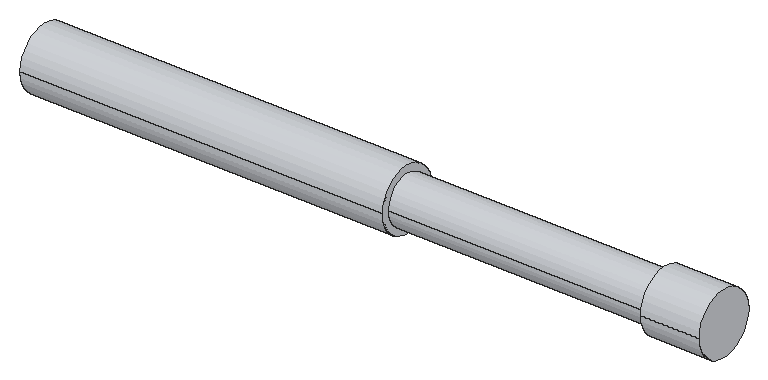
Revit family "7dee93290f214ebb9755c3475f9f9af5", category Conduit Fittings, Revit 2021
Family settings
  Round Connector Dimension = Use Radius
  Part Type = Union
  OmniClass Number = 23.80.30.17.11
  OmniClass Title = Conduits
  Work Plane-Based = No
  Always vertical = Yes
  Cut with Voids When Loaded = No
  Shared = No
Parameters (values of type "Standard")
  Travel Length [instance] = 4"
  Total Length [instance] = Contracted Length + Travel Length  # 12"
  Nominal Radius [instance] = 1/4"
  Nominal Diameter [instance] = Nominal Radius * 2  # 1/2"
  Length 2 [instance] = Contracted Length * 0.13  # 1.04"
  Length 1 [instance] = Contracted Length * 0.8  # 6.4"
  Expanded Radius [instance] = Expanded Diameter / 2  # 0.42"
  Expanded Diameter [instance] = size_lookup(Conduit Size Lookup, "EDia", 1.06 * Nominal Diameter + 37/128", Nominal Diameter)  # 0.84"
  Default Elevation = 0' - 0"
  Contracted Length [instance] = size_lookup(Conduit Size Lookup, "CLgt", 1.46 * Nominal Diameter + 7 67/256", Nominal Diameter)  # 8"
  Fitting Outside Radius [instance] = Fitting Outside Diameter / 2  # 0.54"
  Fitting Outside Diameter [instance] = size_lookup(Conduit Size Lookup, "FOD", 1.14 * Nominal Diameter + 1/2", Nominal Diameter)  # 1.08"
  Conduit Size Lookup = "Conduit Expansion Coupling - PVC"
Reference planes (in)
  plane 1 "Center (Front/Back)": y = 0
  plane 2: z = 0
  plane 3 "Center (Left/Right)": x = 0
  plane 4: x = 6.4
  plane 5: x = 10.96
  plane 6: x = 12
Forms (in)
  Sweep 1, solid, detail levels fine
    path origin (0, 0, 0) x (1, 0, 0) y (0, 1, 0)
      loop
        line (0, 0) -> (6.4, 0)
    profile origin (3.2, 0, 0) x (0, 1, 0) y (0, 0, 1)
      loop
        circle (0, 0) r 0.54
  Sweep 2, solid, detail levels fine
    path origin (0, 0, 0) x (1, 0, 0) y (0, 1, 0)
      loop
        line (10.96, 0) -> (12, 0)
    profile origin (11.48, 0, 0) x (0, 1, 0) y (0, 0, 1)
      loop
        circle (0, 0) r 0.54
  Sweep 3, solid, detail levels fine
    path origin (0, 0, 0) x (1, 0, 0) y (0, 1, 0)
      loop
        line (6.4, 0) -> (10.96, 0)
    profile origin (8.68, 0, 0) x (0, 1, 0) y (0, 0, 1)
      loop
        circle (0, 0) r 0.42
Cuts and joins
  joined: Sweep 1, Sweep 2, Sweep 3
Lines and regions (in)
  model lines, detail levels coarse+medium
    curve 1: line (0, 0, 0) -> (12, 0, 0)
Dimensions and locks (in)
  "Length 1": plane 3 "Center (Left/Right)" to plane 4
  "Length 2": plane 5 to plane 6
  "Total Length": plane 3 "Center (Left/Right)" to plane 6
  "Fitting Outside Radius": radius of Sweep 1 sketch curve
  "Fitting Outside Radius": radius of Sweep 2 sketch curve
  "Expanded Radius": radius of Sweep 3 sketch curve
  aligned and locked: plane 1 "Center (Front/Back)" to curve 1
  aligned and locked: plane 3 "Center (Left/Right)" to curve 1
  aligned and locked: plane 6 to curve 1
  aligned and locked: plane 1 "Center (Front/Back)" to Sweep 1 sketch curve  (x2)
  aligned and locked: plane 4 to Sweep 1 sketch curve
  aligned and locked: plane 3 "Center (Left/Right)" to Sweep 1 sketch curve
  aligned and locked: level to Sweep 1 sketch curve
  aligned and locked: plane 1 "Center (Front/Back)" to Sweep 2 sketch curve  (x2)
  aligned and locked: plane 6 to Sweep 2 sketch curve
  aligned and locked: plane 5 to Sweep 2 sketch curve
  aligned and locked: plane 2 to Sweep 2 sketch curve
  aligned and locked: plane 1 "Center (Front/Back)" to Sweep 3 sketch curve  (x2)
  aligned and locked: plane 5 to Sweep 3 sketch curve
  aligned and locked: plane 4 to Sweep 3 sketch curve
  aligned and locked: level to Sweep 3 sketch curve
Connectors (in)
  cabletrayconduit at (0, 0, 0), diameter 0.5, driven by "Nominal Radius"
    settings: on Sweep 1, index 1, connector width 1' - 0", connector height 1' - 0", connector angle 0.00°, system type 32, placement type 0, profile type 0, connector reference index 2, is primary connector yes, connector utility param no, connector description ""
  cabletrayconduit at (12, 0, 0), diameter 0.5, driven by "Nominal Radius"
    settings: on Sweep 2, index 2, connector width 1' - 0", connector height 1' - 0", connector angle 0.00°, system type 32, placement type 0, profile type 0, connector reference index 1, is primary connector no, connector utility param no, connector description ""
